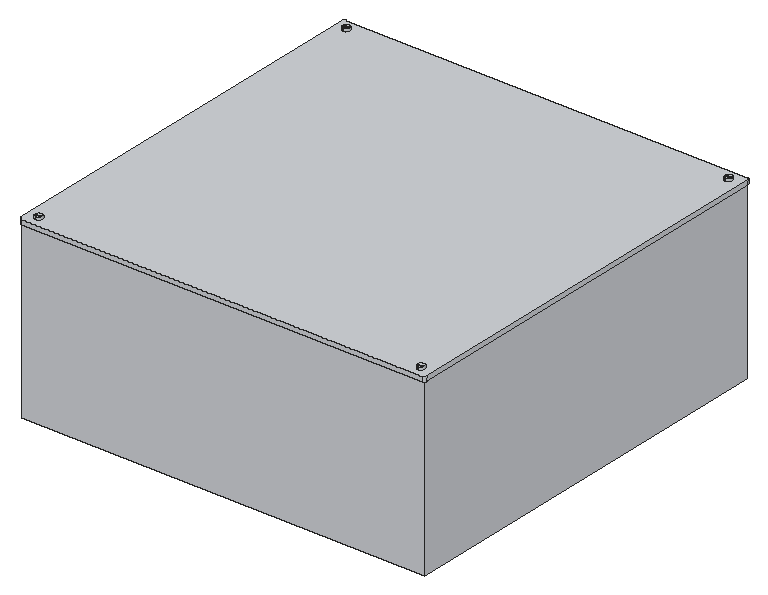
Revit family "AB21G", category Generic Models, Revit 2017
Family settings
  Can host rebar = No
  Round Connector Dimension = Use Diameter
  Part Type = Normal
  Work Plane-Based = Yes
  Always vertical = No
  Cut with Voids When Loaded = No
  Shared = No
  Room Calculation Point = No
Parameters (values of type "NBS Standard Parameters")
  Weight = "1.6062Kg"
  WarrantyStartDate [instance] = "1900-12-31T23:59:59"
  WarrantyGuarantorParts = "n/a"
  WarrantyGuarantorLabor = "n/a"
  WarrantyDurationUnit = "1 year"
  WarrantyDurationParts = "n/a"
  WarrantyDurationLabor = "n/a"
  WarrantyDescription = "n/a"
  Version = "1"
  Uniclass2 = "Pr_65_52_01_86"
  TagNumber [instance] = "n/a"
  SustainabilityPerformance = "n/a"
  Size = "225 X 225 X 75mm (9 X 9 X 4\")"
  Shape = "Square"
  SerialNumber [instance] = "n/a"
  Revision = "n/a"
  ReplacementCost = "n/a"
  ProductInformation = "www.metpro.co.uk/pdf/ab21g.pdf"
  NominalWidth = 225 mm
  NominalLength = 225 mm
  NominalHeight = 75 mm
  Name = ""
  NBSTypeID = ""
  NBSReference = "45-35-00/340"
  NBSOfficeMasterTag = ""
  NBSNote = ""
  NBSDescription = "Surface Boxes"
  NBSCertification = ""
  ModelReference = "AB21G"
  ModelNumber = "n/a"
  Material = "Galvanised Steel Sheet"
  ManufacturerURL = "www.metpro.co.uk"
  ManufacturerName = "Metpro Ltd"
  Keynote = "Compliant to LU standard 1-085"
  InstallationDate [instance] = "1900-12-31T23:59:59"
  IfcExportType = ""
  IfcExportAs = ""
  Grade = "n/a"
  Finish = "Pre Galvanised Sheet Steel"
  Features = "n/a"
  ExpectedLife = "n/a"
  DurationUnit = "year"
  Description = "AB21G - 225 X 225 X 100mm ( 9 X 9 X 4\")  Adaptable Box - Plain"
  Default Elevation = 1219.2 mm
  Constituents = "n/a"
  Color = "n/a"
  CodePerformance = "n/a"
  Category = "n/a"
  BarCode [instance] = "n/a"
  BIMObjectName = "Metpro_metprolibrary_surfaceboxes_adaptableboxes_Plainsided"
  Author = "Metpro Ltd"
  AssetType = ""
  AssetIdentifier [instance] = "n/a"
  AccessibilityPerformance = "n/a"
Reference planes
  plane 1 "Center (Front/Back)": y = 0
  plane 2: z = 0
  plane 3 "Center (Left/Right)": x = 0
Forms (mm)
  Extrusion 1, solid
    sketch origin (-1716.589, 1008.038, 79.425) x (0, -1, 0) y (1, 0, 0)
      loop
        line (-2.199, -230) -> (-2.199, -5) -> (-227.199, -5) -> (-227.199, -230) -> (-2.199, -230)
    from -12.425 to 85.075
  Extrusion 2, solid
    sketch origin (-1716.589, 1008.038, 164.5) x (0, -1, 0) y (1, 0, 0)
      loop
        line (-226.75, -231) -> (-2.599, -231)
        arc (-2.599, -231) -> (-1.609, -230.59) -> (-1.199, -229.6) r 1.4
        line (-1.199, -229.6) -> (-1.199, -5.4)
        arc (-1.199, -5.4) -> (-1.609, -4.41) -> (-2.599, -4) r 1.4
        line (-2.599, -4) -> (-226.799, -4)
        arc (-226.799, -4) -> (-227.789, -4.41) -> (-228.199, -5.4) r 1.4
        line (-228.199, -5.4) -> (-228.199, -229.551)
        arc (-228.199, -229.551) -> (-227.774, -230.576) -> (-226.75, -231) r 1.449
    from 0 to 2.5
  Extrusion 3, solid
    sketch origin (-1716.589, 1008.038, 167) x (0, -1, 0) y (1, 0, 0)
      loop
        circle (-222.199, -224.75) r 2
      loop
        circle (-7.199, -224.75) r 2
      loop
        circle (-222.199, -11) r 2
      loop
        circle (-7.199, -11) r 2
    from 0 to 1
  Extrusion 4, void
    sketch origin (-1716.589, 1008.038, 168) x (1, 0, 0) y (0, -1, 0)
      loop
        line (-230, -221.639) -> (-230, -222.759) -> (-216.945, -222.759) -> (-216.945, -221.639) -> (-230, -221.639)
      loop
        line (-230, -6.678) -> (-230, -7.678) -> (-216.945, -7.678) -> (-216.945, -6.678) -> (-230, -6.678)
      loop
        line (-16, -221.691) -> (-16, -222.538) -> (-6.823, -222.538) -> (-6.823, -221.691) -> (-16, -221.691)
      loop
        line (-16, -6.516) -> (-16, -7.511) -> (-5.123, -7.511) -> (-5.123, -6.516) -> (-16, -6.516)
    from 0 to 0.5
Cuts and joins
  Extrusion 4 cuts Extrusion 3
  joined: Extrusion 1, Extrusion 2
Dimensions and locks
  aligned and locked: level to plane 2
